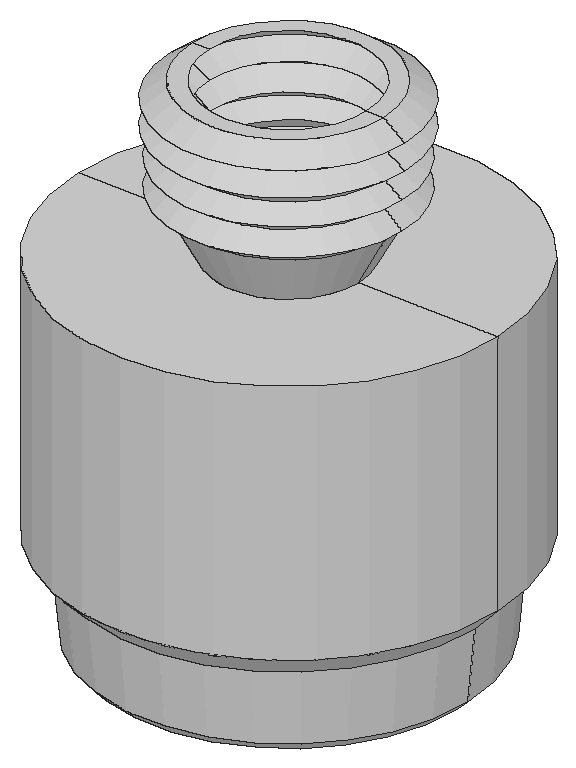
Revit family "VS-117", category Plumbing Fixtures, host Face, Revit 2023
Family settings
  Host = Face
  Round Connector Dimension = Use Diameter
  Part Type = Normal
  Enable Cutting in Views = Yes
  Cut with Voids When Loaded = No
  Maintain Annotation Orientation = No
  Shared = No
  Room Calculation Point = No
Parameters
  Material = Stainless Steel, Polished
  Default Elevation = 4' - 0"
Reference planes (in)
  plane 1 "Center (Front/Back)": y = 0
  plane 2: z = 0
  plane 3 "Center (Left/Right)": x = 0
  plane 4: x = -0.625
  plane 5: x = 0.625
Forms (in)
  Revolve 1, solid, material "Stainless Steel, Polished" <- "Material"
    sketch origin (9.45629, 0, 7.0576) x (0, 0, 1) y (-1, 0, 0)
      loop
        line (-6.02448, 10.08129) -> (-6.75632, 10.08129) -> (-6.82685, 10.01076) -> (-7.02971, 9.9906) -> (-7.0576, 9.9627) -> (-7.0576, 9.70629) -> (-6.0576, 9.70629) -> (-6.0576, 9.61795) -> (-6.02448, 9.61795) -> (-5.87272, 9.69976) -> (-5.84179, 9.74615) -> (-5.79585, 9.69167) -> (-5.75953, 9.74615) -> (-5.72213, 9.69167) -> (-5.67726, 9.75577) -> (-5.63987, 9.69167) -> (-5.60354, 9.75577) -> (-5.5576, 9.69167) -> (-5.5576, 9.74048) -> (-5.60354, 9.80458) -> (-5.63987, 9.74048) -> (-5.67726, 9.80458) -> (-5.72213, 9.74048) -> (-5.75953, 9.79497) -> (-5.79585, 9.74048) -> (-5.84179, 9.79497) -> (-5.87272, 9.74857) -> (-6.02448, 9.66676) -> (-6.02448, 10.08129)
      axis (-7.0576, 9.45629) -> (-5.5576, 9.45629)
    angle from 0 to 360
Lines and regions (in)
  symbolic lines, not visible
    curve 1: line (0, 0, 0) -> (-0.31158, 0, -0.31158)
    curve 2: line (-0.31158, 0, -0.31158) -> (-1.04122, 0, -0.31158)
    curve 3: line (0, 0, 0) -> (-0.17063, 0, -0.04572)
    curve 4: line (0, 0, 0) -> (-0.04572, 0, -0.17063)
    curve 5: line (0, 0, 1.5) -> (0.39212, 0, 1.89212)
    curve 6: line (0.39212, 0, 1.89212) -> (1.389, 0, 1.89212)
    curve 7: line (0, 0, 1.5) -> (0.06983, 0, 1.82853)
    curve 8: line (0, 0, 1.5) -> (0.32853, 0, 1.56983)
Text (in)
  text "1/2\" NPSM INLET" at (-2.45238, 0, -0.20889), in view "Front"
  text "1/2\" NPSM OUTLET" at (1.53436, 0, 2.00951), in view "Front"
Dimensions and locks (in)
  Revolve 1 to Revolve 1 = 0' - 1 1/2"
  plane 5 to plane 4 = 0' - 1 1/4"
  aligned and locked: host face to plane 2
  aligned and locked: level to host face
